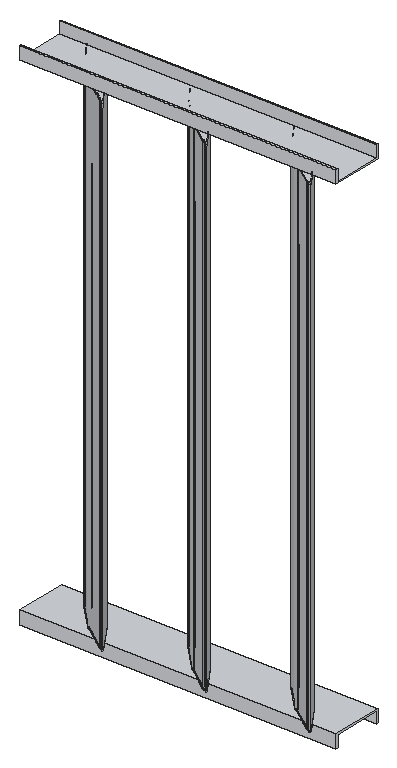
Revit family "200 MAXI END FIXED HORIZONTAL PANEL)", category Curtain Panels, Revit 2018
Family settings
  OmniClass Number = 23.25.20.14.11.11.17
  OmniClass Title = Infill Panels
  Always vertical = Yes
  Cut with Voids When Loaded = No
  Shared = No
Parameters
  FRAMING [instance] = none
  END CAP [instance] = none
  ANGLE [instance] = 45.00°
  200 MAXI LOUVRE BLADE [instance] = none
Reference planes
  plane 1 "Center (Front/Back)": y = 0
  plane 2: z = 0
  plane 3 "Center (Left/Right)": x = 0
  plane 4 "Left": x = -305
  plane 5 "Right": x = 305
  plane 6 "Top": z = 1000
Forms (mm)
  Extrusion 1, solid, material <- "FRAMING"
    sketch origin (-305, 0, -11.579) x (0, 0, -1) y (0, 1, 0)
      loop
        line (-986.579, -50) -> (-986.579, 50) -> (-1011.579, 50) -> (-1011.579, 47) -> (-989.579, 47) -> (-989.579, -47) -> (-1011.579, -47) -> (-1011.579, -50) -> (-986.579, -50)
    from 0 to 610
  Extrusion 2, solid, material <- "FRAMING"
    sketch origin (-305, 0, 1071.579) x (0, 0, 1) y (0, -1, 0)
      loop
        line (-1046.579, 50) -> (-1071.579, 50) -> (-1071.579, 47) -> (-1049.579, 47) -> (-1049.579, -47) -> (-1071.579, -47) -> (-1071.579, -50) -> (-1046.579, -50) -> (-1046.579, 50)
    from 0 to 610
Text (mm)
  text "Exterior" at (-2351.972, 1416.179, 0), in view "Ref. Level"
  text "Exterior" at (0, 2290.741, 4406.713), in view "Left"
  text "Exterior" at (0, 1328.187, 4120.349), in view "Right"
Dimensions and locks
  equal spacing: plane 4 "Left", plane 3 "Center (Left/Right)", plane 5 "Right"
  plane 6 "Top" to plane 2 = 1000 mm
  aligned and locked: level to plane 2
  aligned and locked: plane 4 "Left" to nested 1
  aligned and locked: nested 1 to plane 5 "Right"
  aligned and locked: Extrusion 1 to plane 5 "Right"
  aligned and locked: nested 1 to plane 6 "Top"
  aligned and locked: plane 4 "Left" to Extrusion 1
  aligned and locked: plane 4 "Left" to Extrusion 2
  aligned and locked: Extrusion 2 to plane 5 "Right"
  aligned and locked: plane 5 "Right" to Extrusion 1
Automatic sketch dimensions
  plane 6 "Top" to Extrusion 1 sketch curve = 0 mm  (x2)
  plane 6 "Top" to Extrusion 1 sketch curve = 22 mm
  Extrusion 1 sketch curve to Extrusion 1 sketch curve = 3 mm  (x3)
  plane 1 "Center (Front/Back)" to Extrusion 1 sketch curve = 50 mm
  Extrusion 1 sketch curve to plane 1 "Center (Front/Back)" = 47 mm
  Extrusion 2 sketch curve to level = 0 mm  (x2)
  level to Extrusion 2 sketch curve = 22 mm
  Extrusion 2 sketch curve to Extrusion 2 sketch curve = 3 mm  (x3)
  Extrusion 2 sketch curve to plane 1 "Center (Front/Back)" = 50 mm
  plane 1 "Center (Front/Back)" to Extrusion 2 sketch curve = 47 mm
Nested families
  nested 1: "200 MAXI BLADES ARRAYED" at (0, 0, 0), type "200 MAXI BLADES ARRAYED"
    with WIDTH 610 mm, HEIGHT 1000 mm, ARRAY 3
Definition of nested family "200 MAXI BLADES ARRAYED"
  Parameters (values of type "200 MAXI BLADES ARRAYED")
    WIDTH [instance] = 610 mm
    SPACING = 200 mm
    HEIGHT [instance] = 1000 mm
    END CAP = none
    ARRAY [instance] = if(rounddown((WIDTH - 10 mm) / SPACING) < 2, 2, rounddown((WIDTH - 10 mm) / SPACING))  # 3
    ANGLE = 45.00°
    200 MAXI LOUVRE BLADE = none
  Reference planes
    plane 1 "Center (Front/Back)": y = 0
    plane 2: z = 0
    plane 3 "Center (Left/Right)": x = 0
    plane 4: z = 1000
    plane 5: x = -200
    plane 6: x = 0
    plane 7: x = 200
    plane 8: x = -305
    plane 9: x = 305
  Dimensions and locks
    "HEIGHT": plane 4 to plane 2
    equal spacing: group 1, group 2, group 3  (x3)
    "WIDTH": plane 8 to plane 9
    equal spacing: plane 8, plane 3 "Center (Left/Right)", plane 9
    aligned and locked: level to plane 2
  Nested families
    nested 1: "200 MAXI BLADE AND END CAP" at (-465.814, 0, 0), type "200 MAXI BLADE AND END CAP"
      with ANGLE 45.00°
    nested 2: "200 MAXI BLADE AND END CAP" at (-265.814, 0, 0), type "200 MAXI BLADE AND END CAP"
      with ANGLE 45.00°
    nested 3: "200 MAXI BLADE AND END CAP" at (-65.814, 0, 0), type "200 MAXI BLADE AND END CAP"
      with ANGLE 45.00°
  Definition of nested family "200 MAXI BLADE AND END CAP"
    Parameters (values of type "200 MAXI BLADE AND END CAP")
      HEIGHT = 1000 mm
      END CAP = none
      Default Elevation = 1219.2 mm
      ANGLE = 0.00°
      200 MAXI LOUVRE BLADE = none
    Reference planes
      plane 1 "Center (Front/Back)": y = 0
      plane 2: z = 0
      plane 3 "Center (Left/Right)": x = 265.814
      plane 4: z = 28
      plane 5: z = 25
      plane 6: z = 972
      plane 7: z = 975
      plane 8: z = 1000
      plane 9: z = 0
    Forms (mm)
      Extrusion 1, solid
        sketch origin (265.814, -0.249, 0) x (1, 0, 0) y (0, 1, 0)
          loop
            arc (-82.415, -3.287) -> (-59.519, -7.93) -> (-36.345, -10.891) r 320
            arc (-36.345, -10.891) -> (-35.963, -10.762) -> (-35.8, -10.393) r 0.5
            line (-35.8, -10.393) -> (-35.8, 10.891)
            arc (-35.8, 10.891) -> (-35.963, 11.261) -> (-36.345, 11.389) r 0.5
            arc (-36.345, 11.389) -> (-59.525, 8.428) -> (-82.427, 3.783) r 320
            arc (-82.427, 3.783) -> (-82.684, 3.513) -> (-82.544, 3.168) r 0.343
            arc (-82.544, 3.168) -> (-82.344, 1.716) -> (-83.807, 1.625) r 1
            arc (-83.807, 1.625) -> (-85.355, 2.135) -> (-86.728, 1.257) r 1.9
            line (-86.728, 1.257) -> (-88.11, 1.257)
            arc (-88.11, 1.257) -> (-89.118, 0.249) -> (-88.11, -0.758) r 1.008
            line (-88.11, -0.758) -> (-86.728, -0.758)
            arc (-86.728, -0.758) -> (-85.355, -1.636) -> (-83.807, -1.126) r 1.9
            arc (-83.807, -1.126) -> (-82.347, -1.213) -> (-82.536, -2.664) r 1
            arc (-82.536, -2.664) -> (-82.676, -3.014) -> (-82.415, -3.287) r 0.349
          loop
            line (-13.274, -12.503) -> (-12.5, -12.281)
            arc (-12.5, -12.281) -> (0, -12.501) -> (12.5, -12.281) r 355.786
            line (12.5, -12.281) -> (13.275, -12.503)
            arc (13.275, -12.503) -> (23.375, -11.982) -> (33.457, -11.175) r 356.036
            arc (33.457, -11.175) -> (33.844, -10.982) -> (34, -10.578) r 0.6
            line (34, -10.578) -> (34, -4.103)
            arc (34, -4.103) -> (33.76, -3.676) -> (33.271, -3.659) r 0.5
            arc (33.271, -3.659) -> (30.454, -4.078) -> (27.971, -2.684) r 4.4
            arc (27.971, -2.684) -> (27.783, -1.989) -> (28.229, -1.425) r 0.8
            line (28.229, -1.425) -> (28.95, -1.089)
            arc (28.95, -1.089) -> (29.343, -1.04) -> (29.69, -1.23) r 0.645
            arc (29.69, -1.23) -> (33.4, 0.247) -> (29.694, 1.733) r 2.15
            arc (29.694, 1.733) -> (29.342, 1.541) -> (28.943, 1.591) r 0.655
            line (28.943, 1.591) -> (28.229, 1.924)
            arc (28.229, 1.924) -> (27.783, 2.488) -> (27.971, 3.182) r 0.8
            arc (27.971, 3.182) -> (30.454, 4.577) -> (33.271, 4.158) r 4.4
            arc (33.271, 4.158) -> (33.76, 4.175) -> (34, 4.602) r 0.5
            line (34, 4.602) -> (34, 11.077)
            arc (34, 11.077) -> (33.844, 11.48) -> (33.457, 11.674) r 0.6
            arc (33.457, 11.674) -> (23.375, 12.481) -> (13.275, 13.002) r 356.036
            line (13.275, 13.002) -> (12.5, 12.78)
            arc (12.5, 12.78) -> (0, 12.999) -> (-12.5, 12.78) r 355.786
            line (-12.5, 12.78) -> (-13.274, 13.002)
            arc (-13.274, 13.002) -> (-23.393, 12.48) -> (-33.493, 11.671) r 356.036
            arc (-33.493, 11.671) -> (-33.854, 11.49) -> (-34, 11.113) r 0.56
            line (-34, 11.113) -> (-34, 4.602)
            arc (-34, 4.602) -> (-33.76, 4.175) -> (-33.27, 4.158) r 0.5
            arc (-33.27, 4.158) -> (-30.453, 4.577) -> (-27.97, 3.182) r 4.4
            arc (-27.97, 3.182) -> (-27.783, 2.488) -> (-28.228, 1.924) r 0.8
            line (-28.228, 1.924) -> (-28.96, 1.583)
            arc (-28.96, 1.583) -> (-29.344, 1.536) -> (-29.684, 1.722) r 0.629
            arc (-29.684, 1.722) -> (-33.4, 0.249) -> (-29.684, -1.223) r 2.15
            arc (-29.684, -1.223) -> (-29.344, -1.037) -> (-28.96, -1.084) r 0.629
            line (-28.96, -1.084) -> (-28.228, -1.425)
            arc (-28.228, -1.425) -> (-27.783, -1.989) -> (-27.97, -2.684) r 0.8
            arc (-27.97, -2.684) -> (-30.453, -4.078) -> (-33.27, -3.659) r 4.4
            arc (-33.27, -3.659) -> (-33.76, -3.676) -> (-34, -4.103) r 0.5
            line (-34, -4.103) -> (-34, -10.627)
            arc (-34, -10.627) -> (-33.858, -10.994) -> (-33.505, -11.171) r 0.546
            arc (-33.505, -11.171) -> (-23.399, -11.981) -> (-13.274, -12.503) r 356.036
          loop
            arc (82.431, 3.782) -> (59.528, 8.428) -> (36.346, 11.389) r 320
            arc (36.346, 11.389) -> (35.963, 11.26) -> (35.8, 10.891) r 0.5
            line (35.8, 10.891) -> (35.8, -10.392)
            arc (35.8, -10.392) -> (35.963, -10.762) -> (36.346, -10.891) r 0.5
            arc (36.346, -10.891) -> (59.522, -7.93) -> (82.42, -3.286) r 320
            arc (82.42, -3.286) -> (82.679, -3.014) -> (82.54, -2.666) r 0.347
            arc (82.54, -2.666) -> (82.346, -1.215) -> (83.808, -1.126) r 1
            arc (83.808, -1.126) -> (87.018, 0.249) -> (83.808, 1.625) r 1.9
            arc (83.808, 1.625) -> (82.344, 1.717) -> (82.547, 3.17) r 1
            arc (82.547, 3.17) -> (82.687, 3.513) -> (82.431, 3.782) r 0.341
          loop
            arc (93.795, -1.21) -> (93.441, -1.823) -> (94.055, -2.176) r 0.5
            arc (94.055, -2.176) -> (96.669, -1.453) -> (99.278, -0.711) r 358.036
            arc (99.278, -0.711) -> (100, 0.249) -> (99.278, 1.21) r 1
            arc (99.278, 1.21) -> (0, 15.249) -> (-99.277, 1.21) r 358.036
            arc (-99.277, 1.21) -> (-100, 0.249) -> (-99.277, -0.711) r 1
            arc (-99.277, -0.711) -> (-4.84, -14.718) -> (89.942, -3.269) r 358.036
            arc (89.942, -3.269) -> (90.3, -2.658) -> (89.688, -2.302) r 0.5
            line (89.688, -2.302) -> (88.922, -2.506) -> (88.537, -1.056) -> (94.183, 0.445) -> (94.568, -1.005) -> (93.795, -1.21)
        from 28 to 972
      Extrusion 2, solid
        sketch origin (265.814, -0.249, 972) x (1, 0, 0) y (0, 1, 0)
          loop
            arc (99.278, 1.21) -> (0, 15.249) -> (-99.277, 1.21) r 358.036
            arc (-99.277, 1.21) -> (-100, 0.249) -> (-99.277, -0.711) r 1
            arc (-99.277, -0.711) -> (-4.84, -14.718) -> (89.942, -3.269) r 358.036
            line (89.942, -3.269) -> (94.055, -2.176)
            arc (94.055, -2.176) -> (96.669, -1.453) -> (99.278, -0.711) r 358.036
            arc (99.278, -0.711) -> (100, 0.249) -> (99.278, 1.21) r 1
        from 0 to 3
      Extrusion 3, solid
        sketch origin (265.814, 0, 0) x (1, 0, 0) y (0, 1, 0)
          loop
            arc (99.278, 0.961) -> (0, 15) -> (-99.277, 0.961) r 358.036
            arc (-99.277, 0.961) -> (-100, 0) -> (-99.277, -0.961) r 1
            arc (-99.277, -0.961) -> (-4.84, -14.967) -> (89.942, -3.519) r 358.036
            line (89.942, -3.519) -> (94.055, -2.425)
            arc (94.055, -2.425) -> (96.669, -1.703) -> (99.278, -0.961) r 358.036
            arc (99.278, -0.961) -> (100, 0) -> (99.278, 0.961) r 1
        from 25 to 28
    Lines and regions (mm)
      reference lines
        curve 1: line (265.814, 0, 0) -> (282.75, 0, 0)
    Dimensions and locks
      locked: plane 4 to plane 5 at 3
      locked: plane 7 to plane 6 at 3
      locked: plane 5 to plane 9 at 25
      locked: plane 8 to plane 7 at 25
      "HEIGHT": plane 8 to plane 2
      "ANGLE": angle curve 1 to plane 1 "Center (Front/Back)"
      aligned and locked: level to plane 2
      aligned and locked: plane 6 to Extrusion 1
      aligned and locked: Extrusion 2 to plane 6
      aligned and locked: plane 7 to Extrusion 2
      aligned and locked: plane 4 to Extrusion 1
      aligned and locked: plane 3 "Center (Left/Right)" to curve 1
      aligned and locked: plane 1 "Center (Front/Back)" to curve 1
      aligned and locked: plane 4 to Extrusion 3
      aligned and locked: Extrusion 3 to plane 5
    Automatic sketch dimensions
      Extrusion 1 sketch curve to Extrusion 1 sketch curve = 0 mm  (x65)
      Extrusion 1 sketch curve to curve 1 = 0 mm  (x5)
      curve 1 to Extrusion 1 sketch curve = 0 mm  (x6)
      Extrusion 1 sketch curve to curve 1 = 99 mm
      Extrusion 1 sketch curve to curve 1 = 1.008 mm
      Extrusion 1 sketch curve to Extrusion 1 sketch curve = 10.89 mm
      Extrusion 1 sketch curve to Extrusion 1 sketch curve = 1.381 mm  (x2)
      Extrusion 1 sketch curve to Extrusion 1 sketch curve = 1.611 mm
      Extrusion 1 sketch curve to Extrusion 1 sketch curve = 2 mm  (x3)
      Extrusion 1 sketch curve to Extrusion 1 sketch curve = 0.771 mm
      Extrusion 1 sketch curve to Extrusion 1 sketch curve = 0.784 mm
      Extrusion 1 sketch curve to curve 1 = 36.3 mm
      Extrusion 1 sketch curve to curve 1 = 10.642 mm
      Extrusion 1 sketch curve to Extrusion 1 sketch curve = 0.5 mm  (x5)
      Extrusion 1 sketch curve to Extrusion 1 sketch curve = 1.8 mm  (x3)
      Extrusion 1 sketch curve to Extrusion 1 sketch curve = 0.546 mm
      Extrusion 1 sketch curve to Extrusion 1 sketch curve = 0.56 mm
      Extrusion 1 sketch curve to Extrusion 1 sketch curve = 2.25 mm  (x3)
      Extrusion 1 sketch curve to Extrusion 1 sketch curve = 2.025 mm  (x2)
      Extrusion 1 sketch curve to curve 1 = 1.334 mm
      Extrusion 1 sketch curve to Extrusion 1 sketch curve = 0.266 mm  (x2)
      curve 1 to Extrusion 1 sketch curve = 1.334 mm
      Extrusion 1 sketch curve to Extrusion 1 sketch curve = 0.659 mm  (x2)
      Extrusion 1 sketch curve to curve 1 = 1.675 mm  (x2)
      Extrusion 1 sketch curve to Extrusion 1 sketch curve = 0.338 mm  (x4)
      curve 1 to Extrusion 1 sketch curve = 1.675 mm  (x2)
      Extrusion 1 sketch curve to curve 1 = 13.274 mm  (x2)
      Extrusion 1 sketch curve to Extrusion 1 sketch curve = 0.775 mm  (x4)
      Extrusion 1 sketch curve to curve 1 = 7.409 mm  (x2)
      curve 1 to Extrusion 1 sketch curve = 7.409 mm  (x2)
      Extrusion 1 sketch curve to curve 1 = 4.435 mm  (x2)
      curve 1 to Extrusion 1 sketch curve = 11.293 mm
      Extrusion 1 sketch curve to curve 1 = 1.342 mm
      Extrusion 1 sketch curve to Extrusion 1 sketch curve = 0.714 mm
      curve 1 to Extrusion 1 sketch curve = 1.338 mm
      Extrusion 1 sketch curve to Extrusion 1 sketch curve = 0.721 mm
      Extrusion 1 sketch curve to Extrusion 1 sketch curve = 0.277 mm
      Extrusion 1 sketch curve to Extrusion 1 sketch curve = 0.272 mm
      Extrusion 1 sketch curve to Extrusion 1 sketch curve = 2.301 mm
      Extrusion 1 sketch curve to Extrusion 1 sketch curve = 4.834 mm  (x2)
      Extrusion 1 sketch curve to Extrusion 1 sketch curve = 0.6 mm  (x2)
      curve 1 to Extrusion 1 sketch curve = 3.198 mm
      Extrusion 1 sketch curve to Extrusion 1 sketch curve = 46.038 mm
      Extrusion 1 sketch curve to Extrusion 1 sketch curve = 0.013 mm
      Extrusion 1 sketch curve to Extrusion 1 sketch curve = 0.779 mm
      Extrusion 1 sketch curve to Extrusion 1 sketch curve = 0.767 mm
      curve 1 to Extrusion 1 sketch curve = 1.306 mm
      Extrusion 1 sketch curve to Extrusion 1 sketch curve = 3.419 mm
      curve 1 to Extrusion 1 sketch curve = 2.755 mm
      Extrusion 1 sketch curve to Extrusion 1 sketch curve = 0.385 mm
      curve 1 to Extrusion 1 sketch curve = 2.552 mm
      Extrusion 1 sketch curve to Extrusion 1 sketch curve = 0.128 mm  (x2)
      curve 1 to Extrusion 1 sketch curve = 1.46 mm
      Extrusion 1 sketch curve to Extrusion 1 sketch curve = 4.107 mm
      Extrusion 1 sketch curve to curve 1 = 0.196 mm
      Extrusion 1 sketch curve to Extrusion 1 sketch curve = 4.432 mm
      curve 1 to Extrusion 1 sketch curve = 4.353 mm  (x2)
      Extrusion 1 sketch curve to Extrusion 1 sketch curve = 6.289 mm  (x3)
      Extrusion 1 sketch curve to Extrusion 1 sketch curve = 0.001 mm  (x2)
      Extrusion 1 sketch curve to Extrusion 1 sketch curve = 0.186 mm  (x2)
      Extrusion 1 sketch curve to Extrusion 1 sketch curve = 0.234 mm
      Extrusion 1 sketch curve to curve 1 = 12.53 mm
      Extrusion 1 sketch curve to Extrusion 1 sketch curve = 0.222 mm  (x5)
      Extrusion 1 sketch curve to curve 1 = 307.549 mm  (x2)
      Extrusion 1 sketch curve to curve 1 = 343.036 mm
      curve 1 to Extrusion 1 sketch curve = 3.197 mm
      Extrusion 1 sketch curve to Extrusion 1 sketch curve = 0.483 mm  (x2)
      Extrusion 1 sketch curve to Extrusion 1 sketch curve = 0.725 mm  (x4)
      Extrusion 1 sketch curve to Extrusion 1 sketch curve = 1.097 mm
      Extrusion 1 sketch curve to Extrusion 1 sketch curve = 1.098 mm
      Extrusion 1 sketch curve to Extrusion 1 sketch curve = 0.584 mm
      Extrusion 1 sketch curve to Extrusion 1 sketch curve = 0.57 mm  (x2)
      Extrusion 1 sketch curve to Extrusion 1 sketch curve = 0.593 mm
      Extrusion 1 sketch curve to curve 1 = 2.1 mm  (x2)
      Extrusion 1 sketch curve to Extrusion 1 sketch curve = 1.1 mm
      Extrusion 1 sketch curve to Extrusion 1 sketch curve = 1.101 mm
      Extrusion 1 sketch curve to curve 1 = 4.353 mm  (x2)
      curve 1 to Extrusion 1 sketch curve = 12.53 mm
      curve 1 to Extrusion 1 sketch curve = 307.549 mm  (x2)
      curve 1 to Extrusion 1 sketch curve = 343.036 mm
      Extrusion 1 sketch curve to curve 1 = 0.961 mm
      Extrusion 2 sketch curve to Extrusion 1 = 2.511 mm
      Extrusion 2 sketch curve to Extrusion 1 = 1.417 mm
      Extrusion 3 sketch curve to Extrusion 3 sketch curve = 0 mm  (x5)
      Extrusion 3 sketch curve to curve 1 = 0 mm
      curve 1 to Extrusion 3 sketch curve = 0 mm  (x3)
      Extrusion 3 sketch curve to curve 1 = 99 mm
      curve 1 to Extrusion 3 sketch curve = 3.519 mm
      curve 1 to Extrusion 3 sketch curve = 73.007 mm
      curve 1 to Extrusion 3 sketch curve = 2.425 mm
      Extrusion 3 sketch curve to Extrusion 3 sketch curve = 4.113 mm
      Extrusion 3 sketch curve to Extrusion 3 sketch curve = 4.945 mm
      Extrusion 3 sketch curve to curve 1 = 343.036 mm
      curve 1 to Extrusion 3 sketch curve = 343.036 mm
      radius of Extrusion 2 sketch curve to Extrusion 1 = 0 mm  (x5)
